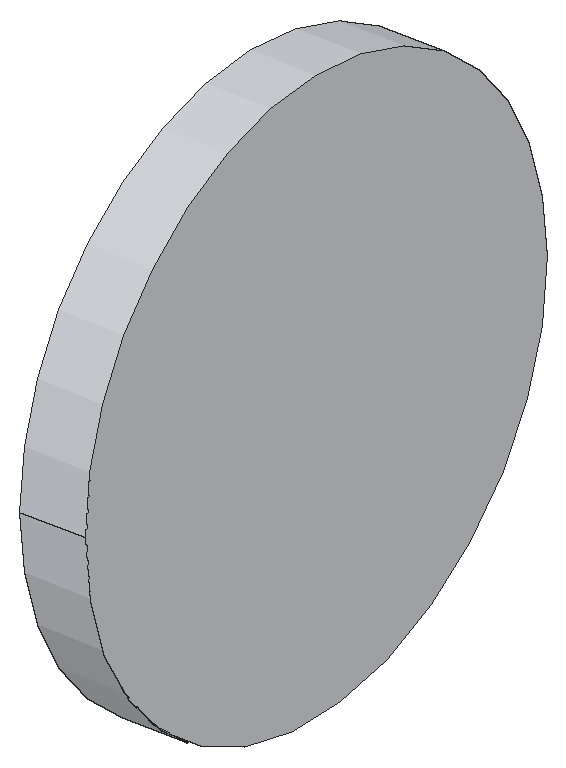
Revit family "0d1d1bf802984ba0a90c8f3b18e67e25", category Pipe Fittings, Revit 2021
Family settings
  Round Connector Dimension = Use Radius
  Part Type = Cap
  OmniClass Number = 23.60.30.11.14
  OmniClass Title = Pipework Fittings
  Seek Item ID = Flange - Threaded - GI - Class 250-0000-USA-ENU
  Work Plane-Based = No
  Always vertical = Yes
  Cut with Voids When Loaded = No
  Shared = No
Parameters (values of type "Standard")
  Tick Size [instance] = Flange Diameter * 0.4  # 4.0000"
  Nominal Radius [instance] = 2.0000"
  Nominal Diameter [instance] = Nominal Radius * 2  # 4.0000"
  Loss Method = Not Defined
  Lookup Table Name = "Flange - Blind - Stainless Steel - Class 300"
  Flange Thickness [instance] = size_lookup(Lookup Table Name, "FThk", 0.08 * Nominal Diameter + 0.7500", Nominal Diameter)  # 1.1300"
  Flange Radius [instance] = Flange Diameter / 2  # 5.0000"
  Flange Diameter [instance] = size_lookup(Lookup Table Name, "FDia", 1.23 * Nominal Diameter + 5.5200", Nominal Diameter)  # 10.0000"
  Default Elevation = 0.0000"
Reference planes (in)
  plane 1 "Center (Front/Back)": y = 0
  plane 2: z = 0
  plane 3 "Center (Left/Right)": x = 0
  plane 4: y = 4
  plane 5: y = -4
  plane 6: x = 1.13
Forms (in)
  Extrusion 1, solid, detail levels fine
    sketch origin (0, 0, 0) x (0, 1, 0) y (0, 0, 1)
      loop
        circle (0, 0) r 5
    from 0 to 1.13
Lines and regions (in)
  model lines, detail levels coarse+medium
    curve 1: line (0, 4, 0) -> (0, -4, 0)
Dimensions and locks (in)
  equal spacing: plane 4, plane 1 "Center (Front/Back)", plane 5
  "Tick Size": plane 4 to plane 1 "Center (Front/Back)"
  "Flange Thickness": plane 3 "Center (Left/Right)" to plane 6
  "Flange Radius": radius of Extrusion 1 sketch curve
  aligned and locked: plane 4 to curve 1
  aligned and locked: plane 5 to curve 1
  aligned and locked: plane 6 to Extrusion 1
  aligned and locked: Extrusion 1 to plane 3 "Center (Left/Right)"
  aligned and locked: curve 1 to plane 3 "Center (Left/Right)"
Automatic sketch dimensions
  Extrusion 1 sketch curve to level = 0.0000"
  Extrusion 1 sketch curve to plane 1 "Center (Front/Back)" = 0.0000"
Connectors (in)
  piping at (0, 0, 0), diameter 4, driven by "Nominal Radius"
    settings: on Extrusion 1, index 1, connector inside diameter 4.0000", connector length 0.0000", flow factor 0, pipe flow 0 GPM, pressure drop 0.00 psi, fitting loss kfactor 0, connector angle 0.00°, fixture units 0, engagement length 0.0000", angle of deflection 0.00°, flow configuration 0, flow direction 0, fitting loss method 0, system type 28, joint type 0, gender type 0, connector reference index -1, connector utility 0, adjustable connector no, is connector primary yes, connector description ""
